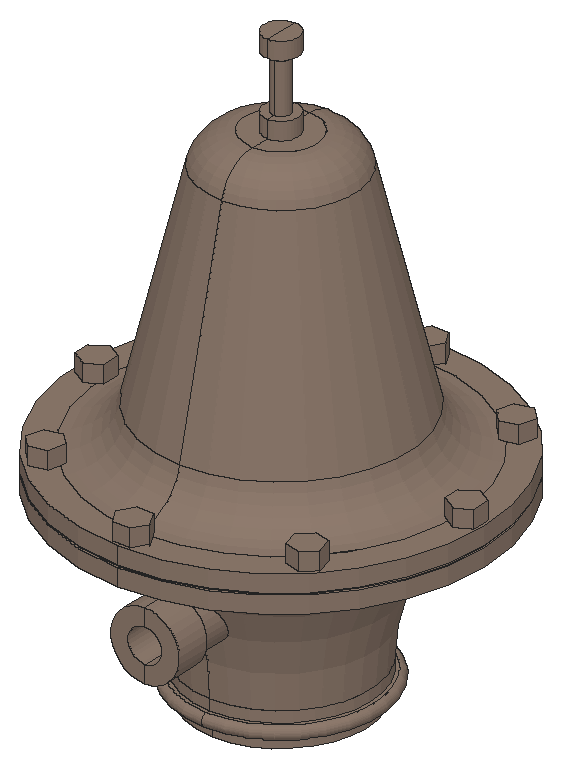
Revit family "Regulators-Process-WATTS-252A_Series", category Pipe Accessories, Revit 2014
Parameters (values of type "252A 1/2"")
  Width = 6"  # constant formula
  Weight = "11 lbs. (4.99kg)"  # constant formula
  Warranty Information = "1 Year (Limited)"  # constant formula
  URL = "http://www.watts.com"
  Top To Center OF Connection C = 7"  # constant formula
  Specification = "Valve shall be manufactured out of bronze and have a maximum working pressure of up to 300psi. Valve shall feature a sensitivity adjuster to eliminate vibrating conditions. Valves shall be serviceable in line and have stainless steel trim and strainer. Valve shall be a Watts Regulator Company Series 252A."
  Region = "North America"  # constant formula
  Product Page URL = "https://www.watts.com/products/plumbing-flow-control-solutions/pressure-reducing-valves/steam-pressure-reducing-valves/252a"
  Product Documentation Link = "https://www.watts.com/dfsmedia/0533dbba17714b1ab581ab07a4cbb521/20212-source"
  Price = "Prices may vary. Please consult Manufacturer Representative for most up-to-date price list."  # constant formula
  Model = "252A 1/2\""
  Max. Working Pressure = "252A – Bronze body for pressures up to 300psi (21 bars)"
  Material = "Metal-WATTS-Bronze"  # constant formula
  Manufacturer Product Line = "Water Safety & Flow Control"  # constant formula
  Manufacturer = "WATTS"  # constant formula
  Description = "Series 252A Process Steam Pressure Regulators Sizes 1⁄2\" – 3⁄4\" (15 - 20mm) Series 252A Process Steam Pressure Regulators are designed to offer highly sensitive response to reduced pressure changes and maintain fullest possible volume without appreciable reduced pressure drop. These regulators are ideal for use on applications such as oil lines, testing fixtures, autoclaves, steam tables, steam irons, single radiators, vulcanizers, sterilizers and process lines. The series 252A features a sensitivity adjuster to eliminate any vibrating condition that may arise from critical flow requirements."
  Creation Date = "1/25/2019"  # constant formula
  Country = "United States"  # constant formula
  Connection Type = "NPT Connection"  # constant formula
  Connection Size = 1/2"
  Connection Radius = Connection Size / 2  # 1/4"
  Connection Outlet Description = "1/2\" NPT Outlet Connection"
  Connection Inlet Description = "1/2\" NPT Inlet Connection"
  Center To Bottom D = 1 3/4"  # constant formula
  Assembly Code = "D2090900"
Types (5): name | Model | Max. Working Pressure | Connection Size | Connection Radius
  (no name) | "252A 1/2\"" | "252A – Bronze body for pressures up to 300psi (21 bars)" | 1/2" | 1/4"
  252A 1/2" | "252A 1/2\"" | "252A – Bronze body for pressures up to 300psi (21 bars)" | 1/2" | 1/4"
  252AT 1/2" | "252A 1/2\"" | "Maximum Temperature: 300°F (149°C) Maximum Working Pressure: 300psi (21 bars), and Maximum Temperature: 400°F (204°C) Maximum Working Pressure: 200psi (14 bars)" | 1/2" | 1/4"
  252AT 3/4" | "252A 3/4\"" | "Maximum Temperature: 300°F (149°C) Maximum Working Pressure: 300psi (21 bars), and Maximum Temperature: 400°F (204°C) Maximum Working Pressure: 200psi (14 bars)" | 3/4" | 3/8"
  252A 3/4" | "252A 3/4\"" | "252A – Bronze body for pressures up to 300psi (21 bars)" | 3/4" | 3/8"
Reference planes (in)
  plane 1 "Center (Front/Back)": y = 0
  plane 2: z = 0
  plane 3 "Center (Left/Right)": x = 0
  plane 4: z = 7
  plane 5: z = -1.75
  plane 6: y = 3
  plane 7: y = -3
  plane 8: z = 1.78125
Forms (in)
  Revolve 1, solid, material "Metal-WATTS-Bronze"
    sketch origin (0, 0, 0) x (0, 1, 0) y (0, 0, 1)
      loop
        line (2.5, 0.25) -> (2.5, 0.5) -> (2, 0.5) -> (2, 0.4133) -> (-2, 0.4133) -> (-2, 0.5) -> (-2.5, 0.5) -> (-2.5, 0.25) -> (2.5, 0.25)
      axis (2.5, 0) -> (-2.5, 0)
    angle from 0 to 360
  Revolve 2, solid, material "Metal-WATTS-Bronze"
    sketch origin (0, 0, 0) x (0, 1, 0) y (0, 0, 1)
      loop
        line (1.25, -1.75) -> (1.25, -1.56003) -> (1.36309, -1.56003)
        arc (1.36309, -1.56003) -> (1.45317, -1.46995) -> (1.36309, -1.37988) r 0.09008
        line (1.36309, -1.37988) -> (1.30677, -1.37988) -> (1.30677, -1.2206)
        arc (1.30677, -1.2206) -> (1.58755, 0.01136) -> (2.37442, 1) r 2.84313
        line (2.37442, 1) -> (3, 1) -> (3, 1.25) -> (2.96875, 1.25) -> (2.96875, 1.28125) -> (3, 1.28125) -> (3, 1.53125) -> (2.58906, 1.53125)
        arc (2.58906, 1.53125) -> (2.12581, 1.69143) -> (1.86042, 2.10354) r 0.75
        line (1.86042, 2.10354) -> (1.09404, 5.24584)
        arc (1.09404, 5.24584) -> (0.88563, 5.56946) -> (0.52184, 5.69525) r 0.58897
        line (0.52184, 5.69525) -> (0.25, 5.69525) -> (0.25, 5.94525) -> (0.12387, 5.94525) -> (0.12387, 6.71207) -> (0.18694, 6.71207) -> (0.18694, 6.75) -> (0.25, 6.75) -> (0.25, 7) -> (0, 7) -> (0, -1.75) -> (1.25, -1.75)
      axis (0, -1.75) -> (0, 7)
    angle from 0 to 360
  Extrusion 3, solid, material "Metal-WATTS-Bronze"
    sketch origin (0, 0, 0) x (1, 0, 0) y (0, 1, 0)
      loop
        line (-2.71875, 0.25) -> (-2.93526, 0.125) -> (-2.93526, -0.125) -> (-2.71875, -0.25) -> (-2.50224, -0.125) -> (-2.50224, 0.125) -> (-2.71875, 0.25)
      loop
        line (2.71875, 0.25) -> (2.50224, 0.125) -> (2.50224, -0.125) -> (2.71875, -0.25) -> (2.93526, -0.125) -> (2.93526, 0.125) -> (2.71875, 0.25)
      loop
        line (0.25, 2.71875) -> (0.125, 2.93526) -> (-0.125, 2.93526) -> (-0.25, 2.71875) -> (-0.125, 2.50224) -> (0.125, 2.50224) -> (0.25, 2.71875)
      loop
        line (0.25, -2.71875) -> (0.125, -2.50224) -> (-0.125, -2.50224) -> (-0.25, -2.71875) -> (-0.125, -2.93526) -> (0.125, -2.93526) -> (0.25, -2.71875)
      loop
        line (-1.74567, 2.09922) -> (-1.98715, 2.16393) -> (-2.16393, 1.98715) -> (-2.09922, 1.74567) -> (-1.85774, 1.68097) -> (-1.68097, 1.85774) -> (-1.74567, 2.09922)
      loop
        line (2.09922, -1.74567) -> (1.85774, -1.68097) -> (1.68097, -1.85774) -> (1.74567, -2.09922) -> (1.98715, -2.16393) -> (2.16393, -1.98715) -> (2.09922, -1.74567)
      loop
        line (2.09922, 1.74567) -> (2.16393, 1.98715) -> (1.98715, 2.16393) -> (1.74567, 2.09922) -> (1.68097, 1.85774) -> (1.85774, 1.68097) -> (2.09922, 1.74567)
      loop
        line (-1.74567, -2.09922) -> (-1.68097, -1.85774) -> (-1.85774, -1.68097) -> (-2.09922, -1.74567) -> (-2.16393, -1.98715) -> (-1.98715, -2.16393) -> (-1.74567, -2.09922)
    from 1 to 1.78125
Lines and regions (in)
  Masking region 1, detail levels fine
    outline origin (0, 0, 0) x (1, 0, 0) y (0, 1, 0)
      loop
        circle (0, 0) r 3
  symbolic lines, detail levels fine
    curve 1: circle (0, 0, 0) r 0.25 normal (0, 0, 1)
    curve 2: circle (0, 0, 0) r 1.071 normal (0, 0, 1)
    curve 3: circle (0, 0, 0) r 1.89158 normal (0, 0, 1)
    curve 4: circle (0, 0, 0) r 2.35536 normal (0, 0, 1)
    curve 5: line (-2.71875, 0.25, 0) -> (-2.93526, 0.125, 0)
    curve 6: line (-2.93526, 0.125, 0) -> (-2.93526, -0.125, 0)
    curve 7: line (-2.93526, -0.125, 0) -> (-2.71875, -0.25, 0)
    curve 8: line (-2.71875, -0.25, 0) -> (-2.50224, -0.125, 0)
    curve 9: line (-2.50224, -0.125, 0) -> (-2.50224, 0.125, 0)
    curve 10: line (-2.50224, 0.125, 0) -> (-2.71875, 0.25, 0)
    curve 11: line (1.74567, -2.09922, 0) -> (1.98715, -2.16393, 0)
    curve 12: line (1.98715, -2.16393, 0) -> (2.16393, -1.98715, 0)
    curve 13: line (2.16393, -1.98715, 0) -> (2.09922, -1.74567, 0)
    curve 14: line (2.09922, -1.74567, 0) -> (1.85774, -1.68097, 0)
    curve 15: line (1.85774, -1.68097, 0) -> (1.68097, -1.85774, 0)
    curve 16: line (1.68097, -1.85774, 0) -> (1.74567, -2.09922, 0)
    curve 17: line (-0.25, -2.71875, 0) -> (-0.125, -2.93526, 0)
    curve 18: line (-0.125, -2.93526, 0) -> (0.125, -2.93526, 0)
    curve 19: line (0.125, -2.93526, 0) -> (0.25, -2.71875, 0)
    curve 20: line (0.25, -2.71875, 0) -> (0.125, -2.50224, 0)
    curve 21: line (0.125, -2.50224, 0) -> (-0.125, -2.50224, 0)
    curve 22: line (-0.125, -2.50224, 0) -> (-0.25, -2.71875, 0)
    curve 23: line (-2.09922, -1.74567, 0) -> (-2.16393, -1.98715, 0)
    curve 24: line (-2.16393, -1.98715, 0) -> (-1.98715, -2.16393, 0)
    curve 25: line (-1.98715, -2.16393, 0) -> (-1.74567, -2.09922, 0)
    curve 26: line (-1.74567, -2.09922, 0) -> (-1.68097, -1.85774, 0)
    curve 27: line (-1.68097, -1.85774, 0) -> (-1.85774, -1.68097, 0)
    curve 28: line (-1.85774, -1.68097, 0) -> (-2.09922, -1.74567, 0)
    curve 29: line (2.71875, -0.25, 0) -> (2.93526, -0.125, 0)
    curve 30: line (2.93526, -0.125, 0) -> (2.93526, 0.125, 0)
    curve 31: line (2.93526, 0.125, 0) -> (2.71875, 0.25, 0)
    curve 32: line (2.71875, 0.25, 0) -> (2.50224, 0.125, 0)
    curve 33: line (2.50224, 0.125, 0) -> (2.50224, -0.125, 0)
    curve 34: line (2.50224, -0.125, 0) -> (2.71875, -0.25, 0)
    curve 35: line (-1.74567, 2.09922, 0) -> (-1.98715, 2.16393, 0)
    curve 36: line (-1.98715, 2.16393, 0) -> (-2.16393, 1.98715, 0)
    curve 37: line (-2.16393, 1.98715, 0) -> (-2.09922, 1.74567, 0)
    curve 38: line (-2.09922, 1.74567, 0) -> (-1.85774, 1.68097, 0)
    curve 39: line (-1.85774, 1.68097, 0) -> (-1.68097, 1.85774, 0)
    curve 40: line (-1.68097, 1.85774, 0) -> (-1.74567, 2.09922, 0)
    curve 41: line (0.25, 2.71875, 0) -> (0.125, 2.93526, 0)
    curve 42: line (0.125, 2.93526, 0) -> (-0.125, 2.93526, 0)
    curve 43: line (-0.125, 2.93526, 0) -> (-0.25, 2.71875, 0)
    curve 44: line (-0.25, 2.71875, 0) -> (-0.125, 2.50224, 0)
    curve 45: line (-0.125, 2.50224, 0) -> (0.125, 2.50224, 0)
    curve 46: line (0.125, 2.50224, 0) -> (0.25, 2.71875, 0)
    curve 47: line (2.09922, 1.74567, 0) -> (2.16393, 1.98715, 0)
    curve 48: line (2.16393, 1.98715, 0) -> (1.98715, 2.16393, 0)
    curve 49: line (1.98715, 2.16393, 0) -> (1.74567, 2.09922, 0)
    curve 50: line (1.74567, 2.09922, 0) -> (1.68097, 1.85774, 0)
    curve 51: line (1.68097, 1.85774, 0) -> (1.85774, 1.68097, 0)
    curve 52: line (1.85774, 1.68097, 0) -> (2.09922, 1.74567, 0)
  model lines, style "PipeAccessory"
    curve 53: line (0, 2.5, 0) -> (0, -2.5, 0)
    curve 54: line (0, 0, 0) -> (-1.02974, 0, 0)
    curve 55: line (-1.02974, 0.25, 0) -> (-1.02974, -0.25, 0)
    curve 56: arc (-1.02974, 0.25, 0) -> (-1.27974, 0, 0) -> (-1.02974, -0.25, 0) r 0.25
    curve 57: line (0.25, 2.5, 0) -> (-0.25, 2.5, 0)
    curve 58: line (0.25, -2.5, 0) -> (-0.25, -2.5, 0)
Dimensions and locks (in)
  "Center To Bottom D": level to plane 5
  "Top To Center OF Connection C": plane 4 to level
  locked: plane 6 to plane 7 at 6
  equal spacing: plane 6, plane 1 "Center (Front/Back)", plane 7
  locked: plane 6 to Revolve 1 sketch curve at 0.5
  locked: Revolve 1 sketch curve to plane 7 at 0.5
  locked: Revolve 1 sketch curve to Revolve 1 sketch curve at 0.25
  locked: Revolve 1 sketch curve to Revolve 1 sketch curve at 0.5  (x2)
  locked: Revolve 1 sketch curve to Revolve 1 sketch curve at 0.1633
  "Connection Radius": Revolve 1 sketch curve to level
  Revolve 2 sketch curve to Revolve 2 sketch curve to Revolve 2 sketch curve to Revolve 2 sketch curve = 1/4", 1/32", 1/4"
  locked: Revolve 2 sketch curve to level at 1
  plane 6 to Revolve 2 sketch curve = 0.41094"
  Revolve 2 sketch curve to Revolve 2 sketch curve to Revolve 2 sketch curve = 0.18997" locked, 0.18015" locked
  Revolve 2 sketch curve to Revolve 2 sketch curve to Revolve 2 sketch curve to Revolve 2 sketch curve to Revolve 2 sketch curve = 1/4" locked, 0.76683" locked, 0.03793" locked, 1/4" locked
  aligned and locked: Revolve 1 sketch curve to level
  aligned and locked: plane 5 to Revolve 2 sketch curve
  aligned and locked: Revolve 2 sketch curve to plane 6
  aligned and locked: plane 6 to Revolve 2 sketch curve
  aligned and locked: plane 1 "Center (Front/Back)" to Revolve 2 sketch curve
  aligned and locked: plane 8 to Extrusion 3
  aligned and locked: Masking region 1 sketch curve to Revolve 2
  aligned and locked: curve 1 to Revolve 2
  aligned and locked: curve 5 to Extrusion 3
  aligned and locked: curve 6 to Extrusion 3
  aligned and locked: curve 7 to Extrusion 3
  aligned and locked: curve 8 to Extrusion 3
  aligned and locked: curve 9 to Extrusion 3
  aligned and locked: curve 10 to Extrusion 3
  aligned and locked: curve 53 to plane 3 "Center (Left/Right)"
  aligned and locked: curve 54 to plane 1 "Center (Front/Back)"
  aligned and locked: curve 53 to curve 54
  aligned and locked: curve 53 to Revolve 1  (x2)
  aligned and locked: curve 57 to Revolve 1
  aligned and locked: curve 58 to Revolve 1
Automatic sketch dimensions
  Extrusion 3 sketch curve to plane 1 "Center (Front/Back)" = 1/8"  (x4)
  Extrusion 3 sketch curve to plane 3 "Center (Left/Right)" = 2.93526"
  Extrusion 3 sketch curve to plane 1 "Center (Front/Back)" = 1/4"  (x2)
  Extrusion 3 sketch curve to Extrusion 3 sketch curve = 0.21651"  (x10)
  plane 1 "Center (Front/Back)" to Extrusion 3 sketch curve = 1/4"  (x2)
  plane 6 to Extrusion 3 sketch curve = 1.01285"  (x2)
  Extrusion 3 sketch curve to Extrusion 3 sketch curve = 0.55482"  (x2)
  Extrusion 3 sketch curve to plane 7 = 1.01285"  (x2)
  Extrusion 3 sketch curve to Extrusion 3 sketch curve = 0.0647"  (x7)
  Extrusion 3 sketch curve to plane 7 = 0.83607"  (x2)
  Extrusion 3 sketch curve to Extrusion 3 sketch curve = 0.17678"  (x12)
  plane 6 to Extrusion 3 sketch curve = 0.83607"  (x2)
  Extrusion 3 sketch curve to Extrusion 3 sketch curve = 0.24148"  (x15)
  Extrusion 3 sketch curve to plane 3 "Center (Left/Right)" = 1/4"  (x2)
  Extrusion 3 sketch curve to plane 3 "Center (Left/Right)" = 1/8"  (x4)
  plane 3 "Center (Left/Right)" to Extrusion 3 sketch curve = 1/8"  (x4)
  Extrusion 3 sketch curve to Extrusion 3 sketch curve = 1/8"  (x2)
  Extrusion 3 sketch curve to Extrusion 3 sketch curve = 1.43097"  (x2)
  plane 1 "Center (Front/Back)" to Extrusion 3 sketch curve = 1/8"  (x4)
  Extrusion 3 sketch curve to Extrusion 3 sketch curve = 0.40302"
  Extrusion 3 sketch curve to plane 7 = 0.49776"
  Extrusion 3 sketch curve to plane 7 = 0.06474"
  Extrusion 3 sketch curve to Extrusion 3 sketch curve = 0.30619"  (x2)
  plane 6 to Extrusion 3 sketch curve = 0.49776"
  plane 6 to Extrusion 3 sketch curve = 0.06474"
  curve 1 to curve 2 = 0"  (x2)
  curve 1 to curve 3 = 0"  (x2)
  curve 1 to curve 4 = 0"  (x2)
  plane 1 "Center (Front/Back)" to curve 56 = 0"
  curve 23 to plane 7 = 1.01285"
  curve 7 to curve 23 = 0.55482"
  plane 6 to curve 36 = 1.01285"
  curve 5 to curve 36 = 0.55482"
  curve 23 to curve 28 = 0.0647"
  curve 36 to curve 37 = 0.0647"
  curve 24 to plane 7 = 0.83607"
  curve 23 to curve 24 = 0.17678"
  plane 6 to curve 35 = 0.83607"
  curve 36 to curve 35 = 0.17678"
  curve 23 to curve 28 = 0.24148"
  curve 37 to curve 38 = 0.24148"
  curve 35 to curve 35 = 0.24148"
  curve 24 to curve 25 = 0.24148"
  curve 27 to curve 26 = 0.17678"
  curve 35 to curve 39 = 0.0647"
  curve 56 to curve 1 = 1.02974"
  curve 17 to plane 3 "Center (Left/Right)" = 1/4"
  curve 43 to plane 3 "Center (Left/Right)" = 1/4"
  curve 21 to plane 3 "Center (Left/Right)" = 1/8"
  curve 42 to plane 3 "Center (Left/Right)" = 1/8"
  curve 18 to plane 3 "Center (Left/Right)" = 1/8"
  curve 44 to plane 3 "Center (Left/Right)" = 1/8"
  plane 3 "Center (Left/Right)" to curve 46 = 1/8"
  plane 3 "Center (Left/Right)" to curve 18 = 1/8"
  plane 3 "Center (Left/Right)" to curve 42 = 1/8"
  plane 3 "Center (Left/Right)" to curve 20 = 1/8"
  plane 3 "Center (Left/Right)" to curve 41 = 1/4"
  curve 20 to curve 20 = 1/8"
  curve 19 to curve 16 = 1.43097"
  curve 41 to curve 51 = 1.43097"
  curve 50 to curve 50 = 0.0647"
  curve 15 to curve 16 = 0.0647"
  curve 50 to curve 51 = 0.17678"
  curve 15 to curve 14 = 0.17678"
  curve 11 to plane 7 = 0.83607"
  curve 11 to curve 11 = 0.24148"
  plane 6 to curve 48 = 0.83607"
  curve 49 to curve 48 = 0.24148"
  curve 51 to curve 52 = 0.24148"
  curve 14 to curve 14 = 0.24148"
  curve 13 to plane 7 = 1.01285"
  curve 13 to curve 13 = 0.0647"
  plane 6 to curve 47 = 1.01285"
  curve 48 to curve 47 = 0.17678"
  plane 1 "Center (Front/Back)" to curve 33 = 1/8"
  curve 13 to curve 33 = 0.40302"
  plane 1 "Center (Front/Back)" to curve 34 = 1/4"
  curve 33 to curve 34 = 0.21651"
  curve 31 to plane 1 "Center (Front/Back)" = 1/4"
  curve 32 to curve 31 = 0.21651"
  curve 29 to curve 30 = 0.21651"
  curve 17 to curve 21 = 0.21651"
  curve 20 to curve 20 = 0.21651"
  curve 18 to plane 7 = 0.06474"
  curve 24 to curve 25 = 0.0647"
  curve 11 to curve 16 = 0.0647"
  curve 11 to curve 16 = 0.24148"
  curve 25 to curve 27 = 0.24148"
  curve 23 to curve 23 = 0.24148"
  curve 12 to curve 13 = 0.24148"
  curve 15 to curve 15 = 0.17678"
  curve 26 to curve 27 = 0.17678"
  plane 1 "Center (Front/Back)" to curve 55 = 1/4"
  plane 1 "Center (Front/Back)" to curve 29 = 1/8"
  curve 33 to plane 1 "Center (Front/Back)" = 1/8"
  curve 30 to plane 1 "Center (Front/Back)" = 1/8"
  curve 39 to curve 36 = 0.30619"
  curve 52 to curve 47 = 0.30619"
  curve 37 to curve 36 = 0.24148"
  curve 51 to curve 47 = 0.0647"
  curve 38 to curve 39 = 0.17678"
  curve 51 to curve 51 = 0.17678"
  curve 39 to curve 35 = 0.24148"
  curve 50 to curve 48 = 0.0647"
  curve 45 to curve 46 = 0.21651"
  curve 44 to curve 43 = 0.21651"
  plane 6 to curve 42 = 0.06474"
  curve 57 to curve 43 = 0"
  curve 58 to curve 17 = 0"
  curve 57 to curve 41 = 0"
  curve 58 to curve 19 = 0"
  curve 17 to curve 58 = 7/32"
  curve 57 to curve 43 = 7/32"
  Revolve 2 sketch curve to plane 1 "Center (Front/Back)" = 0"
  Revolve 2 sketch curve to plane 4 = 0"
  Revolve 2 sketch curve to plane 1 "Center (Front/Back)" = 0.12387"
  Revolve 2 sketch curve to Revolve 2 sketch curve = 0.06306"
  Revolve 2 sketch curve to plane 1 "Center (Front/Back)" = 1/4"  (x2)
  Revolve 2 sketch curve to plane 1 "Center (Front/Back)" = 0.52184"
  Revolve 2 sketch curve to Revolve 2 sketch curve = 0.57219"
  Revolve 2 sketch curve to plane 1 "Center (Front/Back)" = 1 1/4"
  Revolve 2 sketch curve to Revolve 2 sketch curve = 0.05677"
  Revolve 2 sketch curve to Revolve 2 sketch curve = 0.05632"
  plane 8 to Revolve 2 sketch curve = 0.32229"
  Revolve 2 sketch curve to Revolve 2 sketch curve = 0.72864"
  Revolve 2 sketch curve to Revolve 2 sketch curve = 0.21464"
  Revolve 2 sketch curve to Revolve 2 sketch curve = 1/32"
  plane 5 to Revolve 2 sketch curve = 0.5294"
  Revolve 2 sketch curve to Revolve 2 sketch curve = 0.58897"
  plane 4 to Revolve 2 sketch curve = 1 1/4"
  Revolve 2 sketch curve to Revolve 2 sketch curve = 1"
  Revolve 1 sketch curve to Revolve 1 sketch curve = 0.0867"
  plane 7 to Revolve 1 sketch curve = 1/2"
  Revolve 1 sketch curve to Revolve 1 sketch curve = 1"
  radius of curve 2 = 1.071"
  radius of curve 3 = 1.89158"
  radius of curve 4 = 2.35536"
Connectors (in)
  piping at (0, -2.5, 0), diameter 0.5, driven by "Connection Radius", driven by "Connection Inlet Description"
    settings: on Revolve 1, index 1, connector inside diameter 24", connector length 0", flow factor 0, pipe flow 0 GPM, pressure drop 0.00 psi, fitting loss kfactor 0, connector angle 0.00°, fixture units 0, engagement length 0", angle of deflection 0.00°, flow configuration 0, flow direction 1, fitting loss method 0, system type 7, joint type 0, gender type 0, connector reference index 2, connector utility 0, adjustable connector no, is connector primary yes, connector description "1/2\" NPT Inlet Connection"
  piping at (0, 2.5, 0), diameter 0.5, driven by "Connection Radius", driven by "Connection Outlet Description"
    settings: on Revolve 1, index 2, connector inside diameter 24", connector length 0", flow factor 0, pipe flow 0 GPM, pressure drop 0.00 psi, fitting loss kfactor 0, connector angle 0.00°, fixture units 0, engagement length 0", angle of deflection 0.00°, flow configuration 0, flow direction 2, fitting loss method 0, system type 7, joint type 0, gender type 0, connector reference index 1, connector utility 0, adjustable connector no, is connector primary no, connector description "1/2\" NPT Outlet Connection"
